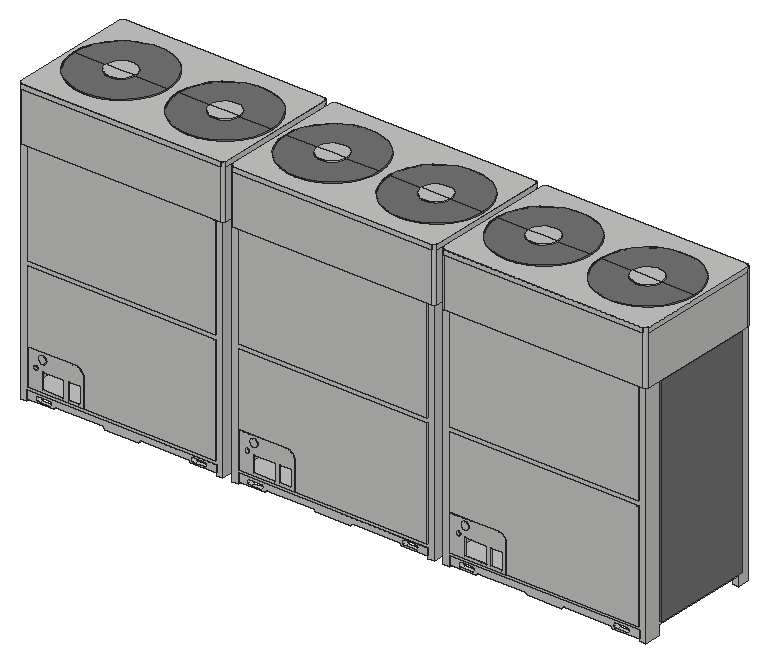
Revit family "Heat_Pump-Split_System-Outdoor-JCI-Triple_Unit-32-36 _ton-Heat_Recovery", category Mechanical Equipment, Revit 2014 (continued)
Definition of nested family "Heat_Pump-Split_System-Outdoor-JCI-Single_Unit-6-16 _ton-Heat_Recovery to be nested"
  Dimensions and locks (in)
    equal spacing: plane 6 "Back", plane 1 "Center (Front/Back)", plane 7 "Front"
    "Width": plane 6 "Back" to plane 7 "Front"
    locked: plane 4 "Left" to plane 8 "lid left" at 0.3125
    locked: plane 9 "lid right" to plane 5 "Right" at 0.3125
    "Height": plane 11 "Top" to plane 10 "Bottom"
    "Base Height": plane 12 "base top" to plane 10 "Bottom"
    "Offset": plane 10 "Bottom" to level
    "Lid Height": plane 11 "Top" to plane 13 "lid bottom"
    locked: plane 6 "Back" to plane 15 "back leg inside" at 2.90625
    locked: plane 14 "front leg inside" to plane 7 "Front" at 4.15625
    "Length 2": Extrusion 1 sketch curve to plane 6 "Back"
    "Length 2": Extrusion 1 sketch curve to plane 7 "Front"
    "Length 2": plane 8 "lid left" to Extrusion 1 sketch curve
    "Length 2": Extrusion 1 sketch curve to plane 9 "lid right"
    "Length 2": plane 11 "Top" to plane 16 "lid top"
    "Length 1": Extrusion 2 sketch curve to Extrusion 2 sketch curve  (x4)
    locked: plane 16 "lid top" to plane 17 at 1
    "Body Inset": plane 8 "lid left" to plane 18 "body left"
    "Body Inset": plane 19 "body right" to plane 9 "lid right"
    "Body Inset": plane 6 "Back" to plane 20 "body back"
    "Body Inset": plane 21 "body front" to plane 7 "Front"
    "Leg Width": plane 18 "body left" to plane 22 "left leg inside"
    "Leg Width": plane 23 "right leg inside" to plane 19 "body right"
    locked: Extrusion 5 sketch curve to plane 10 "Bottom" at 0.46875
    locked: Extrusion 5 sketch curve to Extrusion 5 sketch curve at 6.15625  (x2)
    locked: Extrusion 5 sketch curve to Extrusion 5 sketch curve at 0.5  (x2)
    locked: Extrusion 5 sketch curve to plane 18 "body left" at 4.375
    locked: Extrusion 5 sketch curve to plane 18 "body left" at 6.75
    equal spacing: Extrusion 5 sketch curve, plane 3 "Center (Left/Right)", Extrusion 5 sketch curve
    locked: plane 3 "Center (Left/Right)" to Extrusion 5 sketch curve at 4
    locked: plane 19 "body right" to Extrusion 5 sketch curve at 4.375
    locked: plane 19 "body right" to Extrusion 5 sketch curve at 6.75
    locked: Extrusion 5 sketch curve to plane 10 "Bottom" at 1.33179  (x2)
    locked: plane 24 "panel bottom" to plane 12 "base top" at 0.71875
    locked: Extrusion 7 sketch curve to Extrusion 7 sketch curve at 1.03125
    "Length 3": Extrusion 7 sketch curve to plane 22 "left leg inside"
    locked: Extrusion 7 sketch curve to Extrusion 7 sketch curve at 24.21875
    "Length 2": plane 21 "body front" to plane 25 "panel front"
    equal spacing: plane 26, plane 3 "Center (Left/Right)", plane 27
    locked: plane 26 to plane 3 "Center (Left/Right)" at 2.375
    locked: plane 28 to plane 14 "front leg inside" at 5
    locked: plane 31 "fan top" to plane 11 "Top" at 0.25
    "Length 14": plane 32 "detail panel right" to plane 18 "body left"
    locked: plane 33 "detail panel top" to plane 24 "panel bottom" at 8.46875
    locked: Extrusion 7 sketch curve to Extrusion 7 sketch curve at 0.0625  (x2)
    equal spacing: Masking region 5 sketch curve, plane 29 "fan 1 x cl", Masking region 5 sketch curve
    "Shroud Diameter": Masking region 5 sketch curve to Masking region 5 sketch curve
    equal spacing: plane 13 "lid bottom", plane 34, plane 35, plane 36, plane 37, plane 38, plane 39, plane 24 "panel bottom"
    equal spacing: plane 23 "right leg inside", plane 43, plane 42, plane 41, plane 40, plane 27
    equal spacing: plane 26, plane 47, plane 46, plane 45, plane 44, plane 22 "left leg inside"
    equal spacing: plane 15 "back leg inside", plane 48, plane 49, plane 28
    equal spacing: plane 14 "front leg inside", plane 50, plane 51, plane 52, plane 15 "back leg inside"
    equal spacing: Masking region 8 sketch curve, plane 1 "Center (Front/Back)", Masking region 8 sketch curve
    "Shroud Diameter": Masking region 8 sketch curve to Masking region 8 sketch curve
    "KO Y Offset": plane 53 "ko mech y cl" to plane 7 "Front"
    "KO Z Offset": plane 54 "ko z cl" to plane 10 "Bottom"
    "Length 10": curve 78 to curve 78
    "KO Height": Extrusion 12 sketch curve to Extrusion 12 sketch curve
    "KO 2 Width": Extrusion 12 sketch curve to Extrusion 12 sketch curve
    "KO 2 X Offset": Extrusion 12 sketch curve to curve 78
    "KO 1 Width": Extrusion 12 sketch curve to Extrusion 12 sketch curve
    "KO 1 X Offset": Extrusion 12 sketch curve to curve 78
    locked: Extrusion 8 sketch curve to Extrusion 8 sketch curve at 1
    "Length 11": curve 79 to curve 79
    "Length 12": plane 55 "ko power y cl" to plane 59 "front dummy"
    "KO Controls X Offset": Extrusion 13 sketch curve to plane 18 "body left"
    locked: Extrusion 13 sketch curve to plane 10 "Bottom" at 7.8125
    locked: plane 56 "dummy" to plane 10 "Bottom" at 9.9375
    "KO 2 Width": curve 88 to curve 86
    "KO 2 X Offset": curve 88 to plane 18 "body left"
    "KO 1 Width": curve 84 to curve 82
    "KO Height": curve 85 to curve 87
    locked: curve 87 to plane 10 "Bottom" at 3.59375
    "KO 1 X Offset": curve 84 to plane 18 "body left"
    "Fan 1 X Offset": plane 29 "fan 1 x cl" to plane 3 "Center (Left/Right)"
    "Fan 2 X Offset": plane 3 "Center (Left/Right)" to plane 30 "fan 2 x cl"
    "Length 3": plane 23 "right leg inside" to plane 58
    "Panel 2 Width": plane 58 to plane 57 "pane 2 left"
    "Length 15": Extrusion 7 sketch curve to plane 58
    "Panel 2 Width": Extrusion 14 sketch curve to Extrusion 14 sketch curve
    equal spacing: Masking region 9 sketch curve, plane 30 "fan 2 x cl", Masking region 9 sketch curve
    "Shroud Diameter": Masking region 9 sketch curve to Masking region 9 sketch curve
    locked: Extrusion 13 sketch curve to plane 10 "Bottom" at 9.9375
    "KO Power X Offset": Extrusion 13 sketch curve to plane 18 "body left"
    "Length 1": radius of Extrusion 1 sketch curve  (x4)
    radius of Extrusion 5 sketch curve = 5/8"
    "Shroud Radius": radius of Extrusion 9 sketch curve  (x2)
    radius of Extrusion 7 sketch curve = 2"
    radius of Extrusion 7 sketch curve = 2 1/16"
    "KO Controls Radius": radius of Extrusion 13 sketch curve
    "KO Power Radius": radius of Extrusion 13 sketch curve
    "Angle 1": angle curve 78 to plane 54 "ko z cl"
    "Angle 1": angle plane 10 "Bottom" to curve 79
    aligned and locked: level to plane 2
    aligned and locked: Extrusion 1 to plane 13 "lid bottom"
    aligned and locked: plane 16 "lid top" to Extrusion 1
    aligned and locked: Extrusion 2 sketch curve to Extrusion 2 sketch curve  (x4)
    aligned and locked: plane 8 "lid left" to Extrusion 2 sketch curve
    aligned and locked: Extrusion 2 sketch curve to plane 6 "Back"
    aligned and locked: Extrusion 2 sketch curve to plane 9 "lid right"
    aligned and locked: plane 7 "Front" to Extrusion 2 sketch curve
    aligned and locked: plane 11 "Top" to Extrusion 2
    aligned and locked: Extrusion 2 to plane 17
    aligned and locked: Extrusion 3 sketch curve to plane 10 "Bottom"  (x2)
    aligned and locked: plane 14 "front leg inside" to Extrusion 3 sketch curve
    aligned and locked: Extrusion 3 sketch curve to plane 21 "body front"
    aligned and locked: plane 13 "lid bottom" to Extrusion 3 sketch curve
    aligned and locked: plane 20 "body back" to Extrusion 3 sketch curve
    aligned and locked: Extrusion 3 sketch curve to plane 15 "back leg inside"
    aligned and locked: Extrusion 3 sketch curve to plane 12 "base top"
    aligned and locked: Extrusion 3 to plane 18 "body left"
    aligned and locked: plane 19 "body right" to Extrusion 3
    aligned and locked: Extrusion 4 sketch curve to plane 23 "right leg inside"
    aligned and locked: plane 22 "left leg inside" to Extrusion 4 sketch curve
    aligned and locked: Extrusion 4 sketch curve to plane 6 "Back"
    aligned and locked: plane 7 "Front" to Extrusion 4 sketch curve
    aligned and locked: plane 12 "base top" to Extrusion 4
    aligned and locked: Extrusion 4 to plane 10 "Bottom"
    aligned and locked: Extrusion 5 sketch curve to plane 12 "base top"
    aligned and locked: Extrusion 5 sketch curve to plane 22 "left leg inside"
    aligned and locked: Extrusion 5 sketch curve to Extrusion 5 sketch curve  (x2)
    aligned and locked: Extrusion 6 sketch curve to Extrusion 5  (x15)
    aligned and locked: Extrusion 7 sketch curve to Extrusion 7 sketch curve  (x2)
    aligned and locked: Extrusion 7 sketch curve to plane 13 "lid bottom"
    aligned and locked: Extrusion 7 sketch curve to plane 24 "panel bottom"
    aligned and locked: plane 21 "body front" to Extrusion 7
    aligned and locked: plane 25 "panel front" to Extrusion 7
    aligned and locked: plane 5 "Right" to Extrusion 8 sketch curve
    aligned and locked: Extrusion 8 sketch curve to plane 14 "front leg inside"
    aligned and locked: plane 28 to Extrusion 8 sketch curve
    aligned and locked: Extrusion 8 sketch curve to plane 4 "Left"
    aligned and locked: plane 13 "lid bottom" to Extrusion 8
    aligned and locked: plane 24 "panel bottom" to Extrusion 8
    aligned and locked: Extrusion 8 sketch curve to plane 26
    aligned and locked: plane 27 to Extrusion 8 sketch curve
    aligned and locked: Extrusion 8 sketch curve to plane 6 "Back"  (x2)
    aligned and locked: Extrusion 8 sketch curve to plane 15 "back leg inside"  (x2)
    aligned and locked: Extrusion 8 sketch curve to plane 23 "right leg inside"
    aligned and locked: plane 15 "back leg inside" to Extrusion 8 sketch curve
    aligned and locked: Extrusion 8 sketch curve to plane 22 "left leg inside"
    aligned and locked: plane 29 "fan 1 x cl" to nested 1
    aligned and locked: plane 29 "fan 1 x cl" to Extrusion 9 sketch curve
    aligned and locked: plane 1 "Center (Front/Back)" to Extrusion 9 sketch curve  (x2)
    aligned and locked: plane 30 "fan 2 x cl" to Extrusion 9 sketch curve
    aligned and locked: Extrusion 9 to plane 11 "Top"
    aligned and locked: Extrusion 9 to plane 17
    aligned and locked: plane 1 "Center (Front/Back)" to nested 1
    aligned and locked: plane 30 "fan 2 x cl" to nested 2
    aligned and locked: plane 1 "Center (Front/Back)" to nested 2
    aligned and locked: plane 7 "Front" to Extrusion 10 sketch curve
    aligned and locked: Extrusion 10 sketch curve to plane 5 "Right"
    aligned and locked: Extrusion 10 sketch curve to plane 6 "Back"
    aligned and locked: plane 4 "Left" to Extrusion 10 sketch curve
    aligned and locked: plane 31 "fan top" to Extrusion 10
    aligned and locked: Extrusion 10 to plane 10 "Bottom"
    aligned and locked: Extrusion 7 sketch curve to plane 32 "detail panel right"
    aligned and locked: plane 33 "detail panel top" to Extrusion 7 sketch curve
    aligned and locked: Masking region 1 sketch curve to Extrusion 10  (x4)
    aligned and locked: plane 8 "lid left" to Masking region 2 sketch curve  (x2)
    aligned and locked: Masking region 2 sketch curve to cut or joined group of Extrusion 2, Extrusion 9  (x4)
    aligned and locked: Masking region 2 sketch curve to cut or joined group of Extrusion 1, Extrusion 9  (x4)
    aligned and locked: cut or joined group of Extrusion 2, Extrusion 9 to Masking region 2 sketch curve  (x4)
    aligned and locked: plane 7 "Front" to Masking region 2 sketch curve
    aligned and locked: Masking region 2 sketch curve to plane 28
    aligned and locked: plane 4 "Left" to Masking region 2 sketch curve
    aligned and locked: Masking region 2 sketch curve to plane 15 "back leg inside"  (x2)
    aligned and locked: Masking region 2 sketch curve to plane 6 "Back"
    aligned and locked: Masking region 2 sketch curve to plane 5 "Right"
    aligned and locked: plane 14 "front leg inside" to Masking region 2 sketch curve
    aligned and locked: Masking region 2 sketch curve to plane 9 "lid right"
    aligned and locked: curve 1 to Masking region 2  (x2)
    aligned and locked: Masking region 2 to curve 2
    aligned and locked: curve 2 to Masking region 2  (x2)
    aligned and locked: Masking region 2 to curve 1
    aligned and locked: Masking region 3 sketch curve to plane 31 "fan top"
    aligned and locked: plane 4 "Left" to Masking region 3 sketch curve
    aligned and locked: Masking region 3 sketch curve to plane 5 "Right"
    aligned and locked: plane 10 "Bottom" to Masking region 3 sketch curve
    aligned and locked: Masking region 4 sketch curve to plane 11 "Top"
    aligned and locked: cut or joined group of Extrusion 1, Extrusion 9 to Masking region 4 sketch curve
    aligned and locked: plane 13 "lid bottom" to Masking region 4 sketch curve
    aligned and locked: Masking region 4 sketch curve to plane 4 "Left"
    aligned and locked: Masking region 4 sketch curve to plane 18 "body left"
    aligned and locked: Masking region 4 sketch curve to plane 24 "panel bottom"
    aligned and locked: Masking region 4 sketch curve to plane 12 "base top"
    aligned and locked: plane 22 "left leg inside" to Masking region 4 sketch curve
    aligned and locked: Masking region 4 sketch curve to plane 10 "Bottom"  (x2)
    aligned and locked: plane 19 "body right" to Masking region 4 sketch curve
    aligned and locked: Masking region 4 sketch curve to plane 23 "right leg inside"
    aligned and locked: plane 24 "panel bottom" to Masking region 4 sketch curve
    aligned and locked: plane 5 "Right" to Masking region 4 sketch curve
    aligned and locked: Masking region 4 sketch curve to plane 13 "lid bottom"
    aligned and locked: Masking region 4 sketch curve to cut or joined group of Extrusion 1, Extrusion 9
    aligned and locked: Masking region 5 sketch curve to Masking region 5 sketch curve
    aligned and locked: Masking region 5 sketch curve to plane 17
    aligned and locked: Masking region 5 sketch curve to plane 8 "lid left"
    aligned and locked: Masking region 5 sketch curve to plane 11 "Top"  (x2)
    aligned and locked: cut or joined group of Extrusion 2, Extrusion 9 to Masking region 5 sketch curve
    aligned and locked: Masking region 5 sketch curve to plane 16 "lid top"
    aligned and locked: Masking region 5 sketch curve to cut or joined group of Extrusion 2, Extrusion 9  (x3)
    aligned and locked: Masking region 5 sketch curve to plane 31 "fan top"
    aligned and locked: Masking region 5 sketch curve to plane 9 "lid right"
    aligned and locked: plane 17 to Masking region 5 sketch curve
    aligned and locked: plane 16 "lid top" to Masking region 5 sketch curve
    aligned and locked: Masking region 5 sketch curve to Extrusion 5  (x15)
    aligned and locked: Masking region 5 to curve 3  (x2)
    aligned and locked: Masking region 4 to curve 5  (x2)
    aligned and locked: curve 5 to Masking region 4
    aligned and locked: plane 13 "lid bottom" to curve 4
    aligned and locked: curve 4 to plane 18 "body left"
    aligned and locked: curve 6 to plane 19 "body right"
    aligned and locked: Masking region 4 to curve 4
    aligned and locked: curve 6 to Masking region 4
    aligned and locked: curve 7 to Extrusion 7
    aligned and locked: curve 8 to Extrusion 7
    aligned and locked: curve 9 to Extrusion 7
    aligned and locked: curve 11 to Extrusion 7
    aligned and locked: curve 12 to Extrusion 7
    aligned and locked: curve 14 to Extrusion 7
    aligned and locked: curve 15 to Extrusion 7
    aligned and locked: curve 16 to Extrusion 7
    aligned and locked: curve 17 to Extrusion 7
    aligned and locked: curve 19 to Extrusion 7
    aligned and locked: curve 21 to Extrusion 7
    aligned and locked: curve 22 to Extrusion 7
    aligned and locked: curve 31 to curve 28
    aligned and locked: curve 30 to Extrusion 8
    aligned and locked: plane 13 "lid bottom" to curve 32
    aligned and locked: plane 13 "lid bottom" to curve 30
    aligned and locked: plane 13 "lid bottom" to curve 29
    aligned and locked: plane 13 "lid bottom" to curve 27
    aligned and locked: curve 29 to Extrusion 8
    aligned and locked: curve 32 to Extrusion 8
    aligned and locked: curve 38 to plane 39
    aligned and locked: curve 37 to plane 38
    aligned and locked: curve 36 to plane 37
    aligned and locked: curve 35 to plane 36
    aligned and locked: curve 34 to plane 35
    aligned and locked: curve 33 to plane 34
    aligned and locked: plane 27 to curve 38
    aligned and locked: plane 23 "right leg inside" to curve 35
    aligned and locked: curve 39 to plane 40
    aligned and locked: curve 40 to plane 41
    aligned and locked: curve 41 to plane 42
    aligned and locked: curve 42 to plane 43
    aligned and locked: plane 13 "lid bottom" to curve 39
    aligned and locked: plane 13 "lid bottom" to curve 40
    aligned and locked: plane 13 "lid bottom" to curve 41
    aligned and locked: plane 13 "lid bottom" to curve 42
    aligned and locked: plane 24 "panel bottom" to curve 41
    aligned and locked: plane 24 "panel bottom" to curve 42
    aligned and locked: curve 43 to plane 34
    aligned and locked: curve 44 to plane 35
    aligned and locked: curve 45 to plane 36
    aligned and locked: plane 37 to curve 46
    aligned and locked: curve 47 to plane 38
    aligned and locked: curve 48 to plane 39
    aligned and locked: plane 22 "left leg inside" to curve 48
    aligned and locked: plane 22 "left leg inside" to curve 43
    aligned and locked: plane 26 to curve 45
    aligned and locked: curve 50 to plane 45
    aligned and locked: curve 51 to plane 46
    aligned and locked: curve 52 to plane 47
    aligned and locked: plane 24 "panel bottom" to curve 52
    aligned and locked: plane 13 "lid bottom" to curve 49
    aligned and locked: plane 13 "lid bottom" to curve 50
    aligned and locked: plane 13 "lid bottom" to curve 51
    aligned and locked: plane 13 "lid bottom" to curve 52
    aligned and locked: Masking region 6 sketch curve to Extrusion 10  (x4)
    aligned and locked: Masking region 7 sketch curve to Masking region 7 sketch curve
    aligned and locked: plane 13 "lid bottom" to Masking region 7 sketch curve
    aligned and locked: Masking region 7 sketch curve to plane 6 "Back"
    aligned and locked: Masking region 7 sketch curve to cut or joined group of Extrusion 1, Extrusion 9  (x2)
    aligned and locked: Masking region 7 sketch curve to plane 11 "Top"
    aligned and locked: Masking region 7 sketch curve to plane 15 "back leg inside"
    aligned and locked: plane 10 "Bottom" to Masking region 7 sketch curve  (x2)
    aligned and locked: Masking region 7 sketch curve to plane 12 "base top"
    aligned and locked: plane 14 "front leg inside" to Masking region 7 sketch curve
    aligned and locked: plane 21 "body front" to Masking region 7 sketch curve
    aligned and locked: Masking region 7 to curve 53
    aligned and locked: curve 53 to Masking region 7
    aligned and locked: plane 20 "body back" to Masking region 7 sketch curve
    aligned and locked: plane 24 "panel bottom" to Masking region 7 sketch curve
    aligned and locked: plane 13 "lid bottom" to curve 54
    aligned and locked: plane 20 "body back" to curve 54
    aligned and locked: plane 24 "panel bottom" to curve 54
    aligned and locked: curve 56 to plane 24 "panel bottom"
    aligned and locked: curve 58 to plane 48
    aligned and locked: curve 59 to plane 49
    aligned and locked: curve 56 to curve 58
    aligned and locked: plane 13 "lid bottom" to curve 59
    aligned and locked: plane 13 "lid bottom" to curve 58
    aligned and locked: curve 60 to plane 34
    aligned and locked: curve 61 to plane 35
    aligned and locked: curve 62 to plane 36
    aligned and locked: curve 63 to plane 37
    aligned and locked: curve 64 to plane 38
    aligned and locked: curve 65 to plane 39
    aligned and locked: plane 15 "back leg inside" to curve 60
    aligned and locked: plane 15 "back leg inside" to curve 65
    aligned and locked: plane 28 to curve 63
    aligned and locked: plane 28 to curve 64
    aligned and locked: plane 15 "back leg inside" to curve 67
    aligned and locked: plane 13 "lid bottom" to curve 66
    aligned and locked: curve 73 to plane 34
    aligned and locked: curve 72 to plane 35
    aligned and locked: curve 71 to plane 36
    aligned and locked: curve 70 to plane 37
    aligned and locked: curve 69 to plane 38
    aligned and locked: curve 68 to plane 39
    aligned and locked: plane 14 "front leg inside" to curve 69
    aligned and locked: plane 14 "front leg inside" to curve 68
    aligned and locked: plane 15 "back leg inside" to curve 73
    aligned and locked: plane 15 "back leg inside" to curve 72
    aligned and locked: plane 15 "back leg inside" to curve 71
    aligned and locked: plane 15 "back leg inside" to curve 70
    aligned and locked: plane 15 "back leg inside" to curve 69
    aligned and locked: plane 15 "back leg inside" to curve 68
    aligned and locked: curve 74 to plane 50
    aligned and locked: curve 75 to plane 51
    aligned and locked: curve 76 to plane 52
    aligned and locked: plane 24 "panel bottom" to curve 76
    aligned and locked: plane 24 "panel bottom" to curve 75
    aligned and locked: plane 13 "lid bottom" to curve 76
    aligned and locked: plane 13 "lid bottom" to curve 75
    aligned and locked: plane 13 "lid bottom" to curve 74
    aligned and locked: Masking region 8 sketch curve to Extrusion 7  (x2)
    aligned and locked: Masking region 8 sketch curve to plane 7 "Front"
    aligned and locked: Masking region 8 sketch curve to plane 17  (x2)
    aligned and locked: Masking region 8 sketch curve to plane 11 "Top"
    aligned and locked: Masking region 8 sketch curve to plane 31 "fan top"
    aligned and locked: Masking region 8 sketch curve to plane 16 "lid top"
    aligned and locked: Masking region 8 sketch curve to Masking region 7
    aligned and locked: cut or joined group of Extrusion 2, Extrusion 9 to Masking region 8 sketch curve
    aligned and locked: plane 11 "Top" to Masking region 8 sketch curve
    aligned and locked: plane 16 "lid top" to Masking region 8 sketch curve
    aligned and locked: Masking region 7 to Masking region 8 sketch curve
    aligned and locked: plane 17 to Masking region 8 sketch curve
    aligned and locked: Masking region 8 sketch curve to Extrusion 10
    aligned and locked: Masking region 8 sketch curve to cut or joined group of Extrusion 2, Extrusion 9
    aligned and locked: Masking region 8 to curve 77
    aligned and locked: curve 77 to Masking region 8  (x2)
    aligned and locked: Extrusion 11 sketch curve to plane 32 "detail panel right"
    aligned and locked: plane 33 "detail panel top" to Extrusion 11 sketch curve
    aligned and locked: Extrusion 11 to plane 28
    aligned and locked: Extrusion 11 to plane 21 "body front"
    aligned and locked: plane 54 "ko z cl" to curve 78
    aligned and locked: plane 53 "ko mech y cl" to curve 78
    aligned and locked: Extrusion 12 sketch curve to curve 78  (x2)
    aligned and locked: Extrusion 12 sketch curve to Extrusion 12 sketch curve
    aligned and locked: Extrusion 11 sketch curve to plane 24 "panel bottom"
    aligned and locked: Extrusion 8 sketch curve to plane 3 "Center (Left/Right)"
    aligned and locked: plane 10 "Bottom" to curve 79
    aligned and locked: plane 55 "ko power y cl" to curve 79
    aligned and locked: Extrusion 11 sketch curve to cut or joined group of Extrusion 7, Extrusion 12
    aligned and locked: curve 80 to Extrusion 13
    aligned and locked: curve 81 to curve 85
    aligned and locked: curve 87 to curve 83
    aligned and locked: Extrusion 14 sketch curve to plane 13 "lid bottom"
    aligned and locked: Extrusion 14 sketch curve to plane 24 "panel bottom"
    aligned and locked: Extrusion 14 sketch curve to plane 58
    aligned and locked: Masking region 9 sketch curve to plane 31 "fan top"
    aligned and locked: Masking region 9 sketch curve to plane 11 "Top"
    aligned and locked: curve 20 to cut or joined group of Extrusion 7, Extrusion 12
    aligned and locked: curve 13 to cut or joined group of Extrusion 7, Extrusion 12
    aligned and locked: curve 24 to Extrusion 14
    aligned and locked: curve 89 to Extrusion 13
    aligned and locked: plane 59 "front dummy" to plane 7 "Front"
    aligned and locked: curve 3 to Masking region 5
  Automatic sketch dimensions
    plane 8 "lid left" to Extrusion 2 sketch curve = 0.12868"
    Extrusion 2 sketch curve to Extrusion 2 sketch curve = 0.063"  (x5)
    Extrusion 2 sketch curve to Extrusion 2 sketch curve = 0.62182"
    Extrusion 2 sketch curve to plane 9 "lid right" = 0.12868"
    Extrusion 2 sketch curve to Extrusion 2 sketch curve = 0.12868"  (x2)
    plane 7 "Front" to Extrusion 2 sketch curve = 0.12868"
    Extrusion 2 sketch curve to Extrusion 2 sketch curve = 0.55882"
    Extrusion 5 sketch curve to plane 23 "right leg inside" = 0"
    Extrusion 5 sketch curve to Extrusion 5 sketch curve = 1/2"  (x4)
    Extrusion 5 sketch curve to Extrusion 5 sketch curve = 5/8"
    Extrusion 6 sketch curve to Extrusion 6 sketch curve = 29/32"
    Extrusion 6 sketch curve to Extrusion 6 sketch curve = 1 13/32"
    Extrusion 7 sketch curve to plane 24 "panel bottom" = 0"
    plane 22 "left leg inside" to Extrusion 7 sketch curve = 5/32"
    Masking region 2 sketch curve to plane 9 "lid right" = 0"
    plane 44 to curve 49 = 0"
    plane 7 "Front" to curve 53 = 0.063"
    curve 55 to plane 13 "lid bottom" = 0"
    curve 57 to plane 13 "lid bottom" = 0"
    Extrusion 8 sketch curve to plane 22 "left leg inside" = 0.29229"
    Masking region 5 sketch curve to Masking region 5 sketch curve = 2 3/8"
    curve 25 to plane 24 "panel bottom" = 0"
    curve 23 to plane 13 "lid bottom" = 0"
    curve 26 to plane 23 "right leg inside" = 5/32"
    plane 24 "panel bottom" to Masking region 8 sketch curve = 0"
    Masking region 8 sketch curve to plane 13 "lid bottom" = 0"
  Nested families (in)
    nested 1: "JCI - Fan to be nested" at (0, 0, 65.25), built-in parameter 1001364 <- "Length 4", type "Standard"
    nested 2: "JCI - Fan to be nested" at (38.375, 0, 65.25), built-in parameter 1001364 <- "Length 4", visible <- "Visibility 1", type "Standard"
  Definition of nested family "JCI - Fan to be nested"
    Parameters (values of type "Standard")
      Shroud Radius = Shroud Diameter / 2  # 14 3/8"
      Shroud Material = Metal - JCI - Grille SU
      Shroud Height = 1 1/4"
      Shroud Diameter = 28 3/4"
      Shroud Cap Radius = Shroud Cap Diameter / 2  # 3 3/8"
      Offset = 0"
      Length 3 = (Shroud Radius - Shroud Cap Radius) * 3 / 3  # 11"
      Length 2 = (Shroud Radius - Shroud Cap Radius) * 2 / 3  # 7.33333"
      Length 1 = (Shroud Radius - Shroud Cap Radius) * 1 / 3  # 3.66667"
      Fan Radius = Fan Diameter / 2  # 13 21/32"
      Fan Material = Image - JCI - Fan
      Fan Diameter = Shroud Diameter * 0.95  # 27 5/16"
      Shroud Cap Diameter = 6 3/4"
      Cap Material = Paint - JCI - Silky Shade SU
    Reference planes (in)
      plane 1 "Center (Front/Back)": y = 0
      plane 2: z = 0
      plane 3 "Center (Left/Right)": x = 0
      plane 4 "Bottom": z = 0
      plane 5 "Top": z = 1.25
      plane 6 "fan top": z = 0.125
    Forms (in)
      Extrusion 1, solid, material "Image - JCI - Fan" <- "Fan Material", detail levels medium+fine
        sketch origin (0, 0, 0) x (1, 0, 0) y (0, 1, 0)
          loop
            circle (0, 0) r 13.65625
        from 0 to 0.125
      Revolve 2, solid, material "Metal - JCI - Grille SU" <- "Shroud Material", detail levels fine
        sketch origin (0, 0, 0) x (1, 0, 0) y (0, 0, 1)
          loop
            line (0, 1.25) -> (-3.375, 1.25) -> (-3.375, 1.125) -> (-14.375, 1.125) -> (-14.375, 0) -> (-14.275, 0) -> (-14.275, 1.025) -> (-0.15, 1.025) -> (-0.15, 0.125) -> (0, 0.125) -> (0, 1.25)
          axis (0, 1.25) -> (0, 0)
        angle from 0 to 360
    Lines and regions (in)
      symbolic lines, detail levels fine
        curve 1: circle (0, 0, 0) r 3.375 normal (0, 0, 1)
        curve 2: circle (0, 0, 0) r 3.66667 normal (0, 0, 1)
        curve 3: circle (0, 0, 0) r 7.33333 normal (0, 0, 1)
        curve 5: circle (0, 0, 0) r 11 normal (0, 0, 1)
        curve 6: line (-3.375, 0, 0) -> (-14.375, 0, 0)
        curve 7: line (0, -3.375, 0) -> (0, -14.375, 0)
        curve 8: line (3.375, 0, 0) -> (14.375, 0, 0)
        curve 9: line (0, 3.375, 0) -> (0, 14.375, 0)
        curve 10: line (-2.38649, 2.38649, 0) -> (-10.16466, 10.16466, 0)
        curve 11: line (2.38649, 2.38649, 0) -> (10.16466, 10.16466, 0)
        curve 12: line (-2.38649, -2.38649, 0) -> (-10.16466, -10.16466, 0)
        curve 13: line (2.38649, -2.38649, 0) -> (10.16466, -10.16466, 0)
      symbolic lines, detail levels medium+fine
        curve 4: circle (0, 0, 0) r 14.375 normal (0, 0, 1)
    Dimensions and locks (in)
      "Shroud Height": plane 5 "Top" to plane 4 "Bottom"
      plane 4 "Bottom" to level = 0"
      locked: plane 6 "fan top" to plane 4 "Bottom" at 0.125
      "Shroud Radius": Revolve 2 sketch curve to Revolve 2 sketch curve
      locked: plane 5 "Top" to Revolve 2 sketch curve at 0.125
      "Shroud Cap Radius": Revolve 2 sketch curve to Revolve 2 sketch curve
      locked: Revolve 2 sketch curve to Revolve 2 sketch curve at 0.1
      locked: Revolve 2 sketch curve to Revolve 2 sketch curve at 0.15
      "Fan Radius": radius of Extrusion 1 sketch curve
      "Shroud Cap Radius": radius of curve 1
      "Shroud Radius": radius of curve 4
      "Length 1": radius of curve 2
      "Length 2": radius of curve 3
      "Length 3": radius of curve 5
      locked: curve 13 to plane 1 "Center (Front/Back)" (angle 45.00°)
      locked: plane 1 "Center (Front/Back)" to curve 11 (angle 45.00°)
      locked: curve 10 to plane 1 "Center (Front/Back)" (angle 45.00°)
      locked: plane 1 "Center (Front/Back)" to curve 12 (angle 45.00°)
      aligned and locked: plane 2 to level
      aligned and locked: plane 3 "Center (Left/Right)" to Extrusion 1 sketch curve
      aligned and locked: plane 1 "Center (Front/Back)" to Extrusion 1 sketch curve
      aligned and locked: Extrusion 1 to plane 4 "Bottom"
      aligned and locked: Extrusion 1 to plane 6 "fan top"
      aligned and locked: Revolve 2 sketch curve to plane 3 "Center (Left/Right)"
      aligned and locked: Revolve 2 sketch curve to Revolve 2 sketch curve
      aligned and locked: Revolve 2 sketch curve to plane 5 "Top"
      aligned and locked: plane 4 "Bottom" to Revolve 2 sketch curve
      aligned and locked: Revolve 2 sketch curve to plane 6 "fan top"
      aligned and locked: plane 3 "Center (Left/Right)" to curve 1
      aligned and locked: plane 1 "Center (Front/Back)" to curve 1
      aligned and locked: plane 3 "Center (Left/Right)" to curve 4
      aligned and locked: plane 1 "Center (Front/Back)" to curve 4
      aligned and locked: plane 3 "Center (Left/Right)" to curve 2
      aligned and locked: plane 1 "Center (Front/Back)" to curve 2
      aligned and locked: plane 3 "Center (Left/Right)" to curve 3
      aligned and locked: plane 1 "Center (Front/Back)" to curve 3
      aligned and locked: plane 3 "Center (Left/Right)" to curve 5
      aligned and locked: plane 1 "Center (Front/Back)" to curve 5
    Automatic sketch dimensions
      Revolve 2 sketch curve to Revolve 2 sketch curve = 0.1"
      Revolve 2 sketch curve to level = 7.65209"
      Revolve 2 sketch curve to Revolve 2 sketch curve = 5.34791"
      curve 7 to plane 3 "Center (Left/Right)" = 0"
      curve 9 to plane 3 "Center (Left/Right)" = 0"
      plane 1 "Center (Front/Back)" to curve 8 = 0"
      plane 1 "Center (Front/Back)" to curve 6 = 0"
      curve 10 to plane 1 "Center (Front/Back)" = 2.38649"
      plane 1 "Center (Front/Back)" to curve 12 = 2.38649"
      curve 11 to plane 1 "Center (Front/Back)" = 2.38649"
      plane 1 "Center (Front/Back)" to curve 13 = 2.38649"
